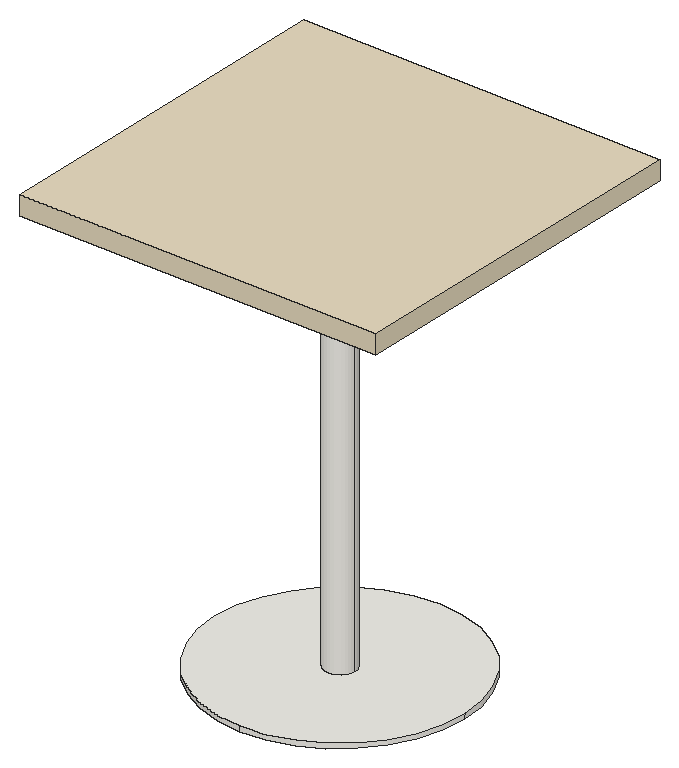
Revit family "FU_Table_Sandler_587-MT", category Furniture, Revit 2020
Family settings
  OmniClass Number = 23.40.20.00
  OmniClass Title = General Furniture and Specialties
  Work Plane-Based = No
  Always vertical = Yes
  Cut with Voids When Loaded = No
  Shared = No
  Room Calculation Point = No
Parameters (values of type "597 MT - 24" Square Top (60cm)")
  Width = 421 mm
  URL = "https://www.sandlerseating.com/product/597-mt/"
  Top Type = FU_TableTops_MT Sqr : 24" Square (60cm)
  Top Elevation = Height  # 720 mm
  Top Finish [instance] = Wood - Beech - Honey Stained
  Model = "597 MT"
  Manufacturer = "Sandler"
  Height = 720 mm
  Frame Finish [instance] = Metal - Paint -AL VR - Pure White
  Description = "Table base. Available in powdercoat painted finishes.\r\nOptional upcharge for outdoor version with galvanized-treated frame and adjustable feet."
  Depth = Width  # 421 mm
  Default Elevation = 0 mm
Types (4, lengths in mm): name | Top Type
  (no name) | FU_TableTops_MT Sqr : 24" Square (60cm)
  597 MT - 24" Round Top (60cm) | FU_TableTops_MT Rnd : 24" Round (60cm)
  597 MT - 28" Round Top (70cm) | FU_TableTops_MT Rnd : 28" Round (70cm)
  597 MT - 24" Square Top (60cm) | FU_TableTops_MT Sqr : 24" Square (60cm)
Reference planes
  plane 1 "Center (Front/Back)": y = 0
  plane 2: z = 0
  plane 3 "Center (Left/Right)": x = 0
  plane 4 "Right": x = -210.5
  plane 5 "Left": x = 210.5
  plane 6 "Back": y = 210.5
  plane 7 "Front": y = -210.5
  plane 8 "Height": z = 720
  plane 9 "Top Support": z = 700
  plane 10 "Glide Height": z = 6
  plane 11 "Base height": z = 14
  plane 12 "R Pad C": x = -194.5
  plane 13 "B Pad C": y = 194.5
  plane 14 "L Pad C": x = 194.5
  plane 15 "F Pad C": y = -194.5
Forms (mm)
  Extrusion 1, solid, material "Metal - Paint -AL VR - Pure White" <- "Frame Finish"
    sketch origin (0, 0, 6) x (-1, 0, 0) y (0, -1, 0)
      loop
        arc (210.5, 0) -> (148.846, 148.846) -> (0, 210.5) r 210.5
        arc (0, 210.5) -> (-148.846, 148.846) -> (-210.5, 0) r 210.5
        arc (-210.5, 0) -> (-148.846, -148.846) -> (0, -210.5) r 210.5
        arc (0, -210.5) -> (148.846, -148.846) -> (210.5, 0) r 210.5
    from 0 to 8
  Revolve 2, solid, material "Rubber, Black"
    sketch origin (0, 0, 0) x (1, 0, 0) y (0, 0, 1)
      loop
        line (-194.5, 0) -> (-194.5, 6) -> (-202.5, 6) -> (-202.5, 2)
        arc (-202.5, 2) -> (-201.914, 0.586) -> (-200.5, 0) r 2
        line (-200.5, 0) -> (-194.5, 0)
      axis (-194.5, 6) -> (-194.5, 0)
    angle from 0 to 360
  Revolve 3, solid, material "Rubber, Black"
    sketch origin (0, 0, 0) x (-1, 0, 0) y (0, 0, 1)
      loop
        line (-194.5, 0) -> (-194.5, 6) -> (-202.5, 6) -> (-202.5, 2)
        arc (-202.5, 2) -> (-201.914, 0.586) -> (-200.5, 0) r 2
        line (-200.5, 0) -> (-194.5, 0)
      axis (-194.5, 6) -> (-194.5, 0)
    angle from 0 to 360
  Revolve 4, solid, material "Rubber, Black"
    sketch origin (0, 0, 0) x (0, 1, 0) y (0, 0, 1)
      loop
        line (-194.5, 6) -> (-202.5, 6) -> (-202.5, 2)
        arc (-202.5, 2) -> (-201.914, 0.586) -> (-200.5, 0) r 2
        line (-200.5, 0) -> (-194.5, 0) -> (-194.5, 6)
      axis (-194.5, 6) -> (-194.5, 0)
    angle from 0 to 360
  Revolve 5, solid, material "Rubber, Black"
    sketch origin (0, 0, 0) x (0, -1, 0) y (0, 0, 1)
      loop
        line (-194.5, 6) -> (-202.5, 6) -> (-202.5, 2)
        arc (-202.5, 2) -> (-201.914, 0.586) -> (-200.5, 0) r 2
        line (-200.5, 0) -> (-194.5, 0) -> (-194.5, 6)
      axis (-194.5, 6) -> (-194.5, 0)
    angle from 0 to 360
  Extrusion 6, solid, material "Metal - Paint -AL VR - Pure White" <- "Frame Finish"
    sketch origin (0, 0, 6) x (-1, 0, 0) y (0, -1, 0)
      loop
        circle (0, 0) r 25
    from 0 to 694
Dimensions and locks
  equal spacing: plane 4 "Right", plane 3 "Center (Left/Right)", plane 5 "Left"
  "Width": plane 4 "Right" to plane 5 "Left"
  equal spacing: plane 6 "Back", plane 1 "Center (Front/Back)", plane 7 "Front"
  "Depth": plane 6 "Back" to plane 7 "Front"
  "Height": plane 8 "Height" to level
  locked: plane 8 "Height" to plane 9 "Top Support" at 20
  locked: plane 4 "Right" to plane 12 "R Pad C" at 16
  plane 14 "L Pad C" to plane 5 "Left" = 16 mm
  locked: plane 6 "Back" to plane 13 "B Pad C" at 16
  locked: plane 15 "F Pad C" to plane 7 "Front" at 16
  aligned and locked: level to plane 2
  aligned and locked: plane 11 "Base height" to Extrusion 1
  aligned and locked: Extrusion 1 to plane 11 "Base height"  (x3)
  aligned and locked: plane 8 "Height" to nested 1
  aligned and locked: Extrusion 6 to plane 10 "Glide Height"
  aligned and locked: plane 9 "Top Support" to Extrusion 6
Automatic sketch dimensions
  Extrusion 1 sketch curve to Extrusion 1 sketch curve = 0 mm  (x12)
  plane 1 "Center (Front/Back)" to Extrusion 1 sketch curve = 0 mm
  Extrusion 1 sketch curve to plane 5 "Left" = 0 mm
  Extrusion 1 sketch curve to plane 3 "Center (Left/Right)" = 0 mm  (x3)
  Revolve 2 sketch curve to plane 10 "Glide Height" = 0 mm
  Revolve 2 sketch curve to level = 0 mm
  plane 12 "R Pad C" to Revolve 2 sketch curve = 0 mm  (x2)
  Revolve 2 sketch curve to Revolve 2 sketch curve = 6 mm
  Revolve 2 sketch curve to Revolve 2 sketch curve = 2 mm
  Revolve 2 sketch curve to level = 10.049 mm
  Revolve 2 sketch curve to plane 11 "Base height" = 2.095 mm
  Revolve 3 sketch curve to plane 10 "Glide Height" = 0 mm
  Revolve 3 sketch curve to level = 0 mm
  Revolve 3 sketch curve to plane 14 "L Pad C" = 0 mm  (x2)
  Revolve 3 sketch curve to Revolve 3 sketch curve = 6 mm
  Revolve 3 sketch curve to Revolve 3 sketch curve = 2 mm
  level to Revolve 3 sketch curve = 10.049 mm
  plane 11 "Base height" to Revolve 3 sketch curve = 2.095 mm
  Revolve 4 sketch curve to plane 10 "Glide Height" = 0 mm
  Revolve 4 sketch curve to level = 0 mm
  Revolve 4 sketch curve to plane 15 "F Pad C" = 0 mm  (x2)
  level to Revolve 4 sketch curve = 2 mm
  plane 15 "F Pad C" to Revolve 4 sketch curve = 6 mm
  Revolve 4 sketch curve to level = 5.787 mm
  Revolve 4 sketch curve to plane 11 "Base height" = 1.201 mm
  Revolve 5 sketch curve to plane 10 "Glide Height" = 0 mm
  Revolve 5 sketch curve to level = 0 mm
  Revolve 5 sketch curve to plane 13 "B Pad C" = 0 mm  (x2)
  Revolve 5 sketch curve to level = 2 mm
  Revolve 5 sketch curve to plane 13 "B Pad C" = 6 mm
  Revolve 5 sketch curve to Revolve 5 sketch curve = 5.787 mm
  plane 11 "Base height" to Revolve 5 sketch curve = 1.201 mm
  plane 1 "Center (Front/Back)" to Extrusion 6 sketch curve = 0 mm
  Extrusion 6 sketch curve to plane 3 "Center (Left/Right)" = 0 mm
  radius of Extrusion 6 sketch curve = 25 mm
Nested families
  nested 1: "MT Top Support" at (0, 0, 0), Frame Finish <- "Frame Finish", type "MT Top Support"
    with Frame Finish Metal - Paint -AL VR - Pure White
  nested 2: "FU_TableTops_MT Sqr" at (0, 0, 0), Top Elevation <- "Top Elevation", Top Finish <- "Top Finish", type <- "Top Type", type "24" Square (60cm)"
    with Top Finish Wood - Beech - Honey Stained, Top Elevation 720 mm
Definition of nested family "MT Top Support"
  Parameters (values of type "MT Top Support")
    Frame Finish [instance] = none
    Default Elevation = 0 mm
  Reference planes
    plane 1 "Center (Front/Back)": y = 0
    plane 2: z = 0
    plane 3 "Center (Left/Right)": x = 0
    plane 4 "Right": x = -210
    plane 5 "Left": x = 210
    plane 6 "Back": y = 210
    plane 7 "Front": y = -210
    plane 8 "Height": z = 720
    plane 9: z = 700
  Forms (mm)
    Extrusion 1, solid, material <- "Frame Finish"
      sketch origin (0, 0, 700) x (-1, 0, 0) y (0, -1, 0)
        loop
          line (48, 44.024) -> (119.736, 115.76)
          arc (119.736, 115.76) -> (116.918, 118.6) -> (114.032, 121.37) r 166.741
          line (114.032, 121.37) -> (40.38, 47.718) -> (-40.38, 47.718) -> (-114.032, 121.37)
          arc (-114.032, 121.37) -> (-116.918, 118.6) -> (-119.736, 115.76) r 166.741
          line (-119.736, 115.76) -> (-48, 44.024) -> (-48, -44.024) -> (-120.014, -116.038)
          arc (-120.014, -116.038) -> (-117.202, -118.884) -> (-114.323, -121.661) r 166.741
          line (-114.323, -121.661) -> (-40.944, -48.282) -> (40.944, -48.282) -> (114.323, -121.661)
          arc (114.323, -121.661) -> (117.202, -118.884) -> (120.014, -116.038) r 166.741
          line (120.014, -116.038) -> (48, -44.024) -> (48, 44.024)
      from 0 to 15
    Extrusion 2, solid, material <- "Frame Finish"
      sketch origin (0, 0, 720) x (-1, 0, 0) y (0, -1, 0)
        loop
          arc (48, 9.198) -> (50.194, 20.46) -> (56.455, 30.074) r 30
          line (56.455, 30.074) -> (155.027, 131.809)
          arc (155.027, 131.809) -> (157.282, 137.439) -> (154.939, 143.033) r 8
          line (154.939, 143.033) -> (142.122, 155.85)
          arc (142.122, 155.85) -> (136.465, 158.193) -> (130.808, 155.85) r 8
          line (130.808, 155.85) -> (32.027, 57.069)
          arc (32.027, 57.069) -> (22.294, 50.566) -> (10.814, 48.282) r 30
          line (10.814, 48.282) -> (-10.814, 48.282)
          arc (-10.814, 48.282) -> (-22.294, 50.566) -> (-32.027, 57.069) r 30
          line (-32.027, 57.069) -> (-130.808, 155.85)
          arc (-130.808, 155.85) -> (-136.465, 158.193) -> (-142.122, 155.85) r 8
          line (-142.122, 155.85) -> (-154.939, 143.033)
          arc (-154.939, 143.033) -> (-157.282, 137.439) -> (-155.027, 131.809) r 8
          line (-155.027, 131.809) -> (-56.455, 30.074)
          arc (-56.455, 30.074) -> (-50.194, 20.46) -> (-48, 9.198) r 30
          line (-48, 9.198) -> (-48, -9.198)
          arc (-48, -9.198) -> (-50.194, -20.46) -> (-56.455, -30.074) r 30
          line (-56.455, -30.074) -> (-155.027, -131.809)
          arc (-155.027, -131.809) -> (-157.282, -137.439) -> (-154.939, -143.033) r 8
          line (-154.939, -143.033) -> (-142.122, -155.85)
          arc (-142.122, -155.85) -> (-136.465, -158.193) -> (-130.808, -155.85) r 8
          line (-130.808, -155.85) -> (-32.027, -57.069)
          arc (-32.027, -57.069) -> (-22.294, -50.566) -> (-10.814, -48.282) r 30
          line (-10.814, -48.282) -> (10.814, -48.282)
          arc (10.814, -48.282) -> (22.294, -50.566) -> (32.027, -57.069) r 30
          line (32.027, -57.069) -> (130.808, -155.85)
          arc (130.808, -155.85) -> (136.465, -158.193) -> (142.122, -155.85) r 8
          line (142.122, -155.85) -> (154.939, -143.033)
          arc (154.939, -143.033) -> (157.282, -137.439) -> (155.027, -131.809) r 8
          line (155.027, -131.809) -> (56.455, -30.074)
          arc (56.455, -30.074) -> (50.194, -20.46) -> (48, -9.198) r 30
          line (48, -9.198) -> (48, 9.198)
        loop
          line (-134.399, -141.055) -> (-124.502, -131.158)
          arc (-124.502, -131.158) -> (-124.502, -125.502) -> (-130.158, -125.502) r 3.999
          line (-130.158, -125.502) -> (-140.055, -135.399)
          arc (-140.055, -135.399) -> (-140, -141.001) -> (-134.399, -141.055) r 4
        loop
          arc (134.399, -141.055) -> (140, -141.001) -> (140.055, -135.399) r 4
          line (140.055, -135.399) -> (130.158, -125.502)
          arc (130.158, -125.502) -> (124.502, -125.502) -> (124.502, -131.158) r 3.999
          line (124.502, -131.158) -> (134.399, -141.055)
        loop
          arc (-134.399, 141.055) -> (-140, 141.001) -> (-140.055, 135.399) r 4
          line (-140.055, 135.399) -> (-130.158, 125.502)
          arc (-130.158, 125.502) -> (-124.502, 125.502) -> (-124.502, 131.158) r 3.999
          line (-124.502, 131.158) -> (-134.399, 141.055)
        loop
          line (134.399, 141.055) -> (124.502, 131.158)
          arc (124.502, 131.158) -> (124.502, 125.502) -> (130.158, 125.502) r 3.999
          line (130.158, 125.502) -> (140.055, 135.399)
          arc (140.055, 135.399) -> (140, 141.001) -> (134.399, 141.055) r 4
        loop
          circle (0, 0) r 7.5
      from -10 to 0
  Dimensions and locks
    equal spacing: plane 4 "Right", plane 3 "Center (Left/Right)", plane 5 "Left"
    plane 4 "Right" to plane 5 "Left" = 420 mm
    equal spacing: plane 6 "Back", plane 1 "Center (Front/Back)", plane 7 "Front"
    plane 6 "Back" to plane 7 "Front" = 420 mm
    plane 8 "Height" to level = 720 mm
    locked: plane 8 "Height" to plane 9 at 20
    aligned and locked: level to plane 2
  Automatic sketch dimensions
    plane 1 "Center (Front/Back)" to Extrusion 2 sketch curve = 0 mm
    Extrusion 2 sketch curve to plane 3 "Center (Left/Right)" = 0 mm
    plane 3 "Center (Left/Right)" to Extrusion 2 sketch curve = 10.814 mm  (x2)
    Extrusion 2 sketch curve to Extrusion 2 sketch curve = 21.213 mm  (x4)
    plane 1 "Center (Front/Back)" to Extrusion 2 sketch curve = 9.198 mm  (x2)
    plane 3 "Center (Left/Right)" to Extrusion 2 sketch curve = 48 mm
    Extrusion 2 sketch curve to plane 1 "Center (Front/Back)" = 30.074 mm  (x2)
    Extrusion 2 sketch curve to Extrusion 2 sketch curve = 8.455 mm  (x4)
    plane 1 "Center (Front/Back)" to Extrusion 2 sketch curve = 30.074 mm  (x2)
    Extrusion 2 sketch curve to plane 1 "Center (Front/Back)" = 9.198 mm  (x2)
    plane 5 "Left" to Extrusion 2 sketch curve = 85.498 mm  (x2)
    Extrusion 2 sketch curve to Extrusion 2 sketch curve = 2.828 mm  (x12)
    Extrusion 2 sketch curve to Extrusion 2 sketch curve = 6.306 mm  (x4)
    Extrusion 2 sketch curve to Extrusion 2 sketch curve = 9.897 mm  (x8)
    Extrusion 2 sketch curve to Extrusion 2 sketch curve = 5.657 mm  (x16)
    Extrusion 2 sketch curve to Extrusion 2 sketch curve = 2.773 mm  (x8)
    Extrusion 2 sketch curve to Extrusion 2 sketch curve = 2.883 mm  (x4)
    Extrusion 2 sketch curve to Extrusion 2 sketch curve = 9.227 mm  (x4)
    Extrusion 2 sketch curve to Extrusion 2 sketch curve = 5.745 mm  (x4)
    Extrusion 2 sketch curve to plane 3 "Center (Left/Right)" = 10.814 mm  (x2)
    Extrusion 2 sketch curve to plane 3 "Center (Left/Right)" = 48 mm
    Extrusion 2 sketch curve to plane 1 "Center (Front/Back)" = 48.282 mm
    Extrusion 2 sketch curve to Extrusion 2 sketch curve = 8.787 mm  (x4)
    Extrusion 2 sketch curve to plane 6 "Back" = 84.498 mm  (x2)
    Extrusion 2 sketch curve to Extrusion 2 sketch curve = 6.307 mm  (x4)
    Extrusion 2 sketch curve to Extrusion 2 sketch curve = 5.567 mm  (x4)
    Extrusion 2 sketch curve to Extrusion 2 sketch curve = 9.138 mm  (x4)
    plane 1 "Center (Front/Back)" to Extrusion 2 sketch curve = 48.282 mm
    plane 7 "Front" to Extrusion 2 sketch curve = 84.498 mm  (x2)
    Extrusion 1 sketch curve to Extrusion 1 sketch curve = 0 mm  (x12)
    Extrusion 1 sketch curve to plane 3 "Center (Left/Right)" = 0 mm
    plane 3 "Center (Left/Right)" to Extrusion 1 sketch curve = 40.38 mm
    plane 3 "Center (Left/Right)" to Extrusion 1 sketch curve = 40.944 mm
    Extrusion 1 sketch curve to Extrusion 1 sketch curve = 7.056 mm  (x2)
    plane 5 "Left" to Extrusion 1 sketch curve = 95.968 mm
    plane 5 "Left" to Extrusion 1 sketch curve = 95.677 mm
    Extrusion 1 sketch curve to Extrusion 1 sketch curve = 5.704 mm  (x2)
    Extrusion 1 sketch curve to Extrusion 1 sketch curve = 5.691 mm  (x2)
    Extrusion 1 sketch curve to plane 3 "Center (Left/Right)" = 40.38 mm
    Extrusion 1 sketch curve to plane 3 "Center (Left/Right)" = 40.944 mm
    Extrusion 1 sketch curve to plane 6 "Back" = 88.339 mm  (x2)
    Extrusion 1 sketch curve to Extrusion 1 sketch curve = 5.623 mm
    Extrusion 1 sketch curve to plane 1 "Center (Front/Back)" = 48.282 mm
    Extrusion 1 sketch curve to Extrusion 1 sketch curve = 4.258 mm  (x2)
    plane 1 "Center (Front/Back)" to Extrusion 1 sketch curve = 44.024 mm  (x2)
    Extrusion 1 sketch curve to Extrusion 1 sketch curve = 3.693 mm
    plane 7 "Front" to Extrusion 1 sketch curve = 94.24 mm  (x2)
    Extrusion 1 sketch curve to plane 4 "Right" = 95.968 mm
    Extrusion 1 sketch curve to plane 4 "Right" = 95.677 mm
    Extrusion 2 sketch curve to plane 4 "Right" = 85.498 mm  (x2)
    radius of Extrusion 2 sketch curve = 7.5 mm
Definition of nested family "FU_TableTops_MT Sqr"
  Parameters (values of type "24" Square (60cm)")
    Width = 600 mm
    Top Finish [instance] = none
    Top Elevation [instance] = 1100 mm
    Depth = 600 mm
    Default Elevation = 0 mm
  Types (9, lengths in mm): name | Width | Depth
    28x48" Top (70x120cm) | 1200 | 700
    28x52" Top (70x130cm) | 1300 | 700
    32x48" Top (80x120cm) | 1200 | 800
    32x52" Top (80x130cm) | 1300 | 800
    28x55" Top (70x140cm) | 1400 | 700
    32x55" Top (80x140cm) | 1400 | 800
    24" Square (60cm) | 600 | 600
    28" Square (70cm) | 700 | 700
    32" Square (80cm) | 800 | 800
  Reference planes
    plane 1 "Center (Front/Back)": y = 0
    plane 2: z = 0
    plane 3 "Center (Left/Right)": x = 0
    plane 4 "Right": x = -300
    plane 5 "Left": x = 300
    plane 6 "Back": y = 300
    plane 7 "Front": y = -300
    plane 8 "Elevation": z = 1100
    plane 9 "Top Height": z = 1131.75
  Forms (mm)
    Extrusion 1, solid, material <- "Top Finish"
      sketch origin (0, 0, 1100) x (-1, 0, 0) y (0, -1, 0)
        loop
          line (300, -300) -> (300, 300) -> (-300, 300) -> (-300, -300) -> (300, -300)
      from 0 to 31.75
  Dimensions and locks
    equal spacing: plane 4 "Right", plane 3 "Center (Left/Right)", plane 5 "Left"
    "Width": plane 4 "Right" to plane 5 "Left"
    equal spacing: plane 6 "Back", plane 1 "Center (Front/Back)", plane 7 "Front"
    "Depth": plane 6 "Back" to plane 7 "Front"
    "Top Elevation": plane 8 "Elevation" to level
    locked: plane 9 "Top Height" to plane 8 "Elevation" at 31.75
    aligned and locked: level to plane 2
    aligned and locked: Extrusion 1 sketch curve to plane 6 "Back"
    aligned and locked: Extrusion 1 sketch curve to plane 4 "Right"
    aligned and locked: plane 7 "Front" to Extrusion 1 sketch curve
    aligned and locked: plane 5 "Left" to Extrusion 1 sketch curve
    aligned and locked: Extrusion 1 to plane 8 "Elevation"
    aligned and locked: plane 8 "Elevation" to Extrusion 1  (x2)
    aligned and locked: plane 9 "Top Height" to Extrusion 1
    aligned and locked: Extrusion 1 to plane 9 "Top Height"
